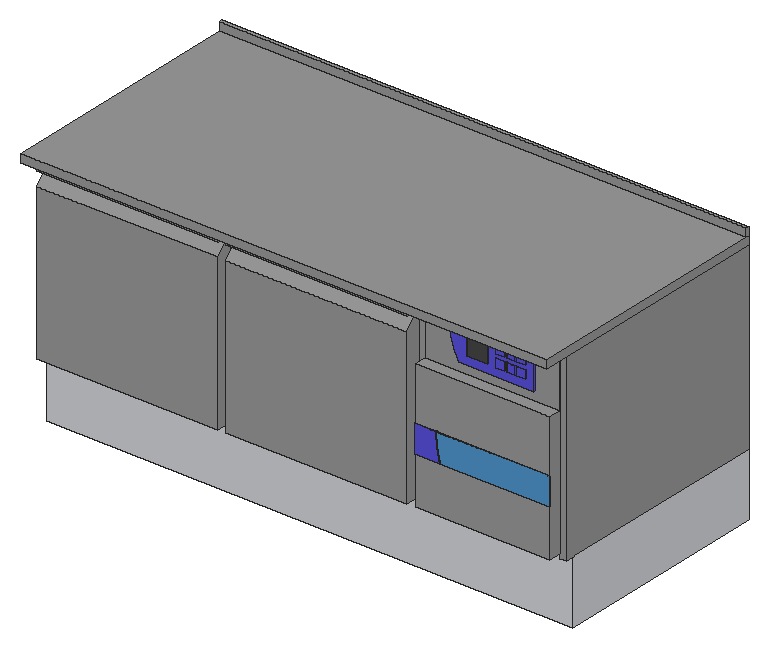
Revit family "Kühltische GN2-3 - Eigen", category Sonderausstattung, Revit 2015
Parameters (values of type "435x1250 2-türig")
  Öffnungstiefe = Korpus Tiefe - Rückwand Stärke - 100 mm  # 370 mm
  Öffnungssymbol Grundriss [instance] = yes
  Watt = 440 W
  Wand unten Stärke = 50 mm  # constant formula
  Wand oben Stärke = 50 mm  # constant formula
  Versatz bei Sockel oder Füße [instance] = if(or(Sockel, Füße), 150 mm, 0 mm)  # 150 mm
  Versatz Tür zu Seitenteil = 20 mm
  Türen Stärke = 50 mm  # constant formula
  Türen Lücke = 20 mm
  Türen Höhe = Korpus Höhe - 20 mm  # 415 mm
  Türen Breite = 430 mm
  Türen Anzahl = 2
  Türen Breite halb = Türen Breite / 2  # 215 mm
  Tür_3 = no
  Tür_2 = yes
  Tür_1 = yes
  Tür 4 [instance] = Türen 1 : 1-fach
  Tür 3 [instance] = Türen 1 : 1-fach
  Tür 2 [instance] = Türen 1 : 1-fach
  Tür 1 [instance] = Türen 1 : 1-fach
  Tiefe [instance] = if(Deckplatte, Platte Tiefe, Korpus Tiefe + Türen Stärke)  # 600 mm
  Temp. Bereich = "-2°C bis +10°C"
  Spannung = 230 V
  Sockelhöhe = 150 mm  # constant formula
  Sockel [instance] = yes
  Seitenwand Stärke = 50 mm  # constant formula
  Seitenteilwand Stärke = 15 mm  # constant formula
  Seitenteil Breite = 320 mm
  Scheinleistung = 0 VA
  Pole = 1
  Platte Tiefe = 600 mm  # constant formula
  Platte Stärke = 20 mm
  Pfosten Tiefe = 50 mm  # constant formula
  Rückwand Stärke = 50 mm  # constant formula
  Pfosten Breite = 100 mm  # constant formula
  Pfosten Anzahl = 1
  Pfosten Abstand = Türen Breite + (Türen Lücke / 2)  # 440 mm
  Pfosten 2 = no
  Pfosten 1 = yes
  Material = Edelstahl AISI 304
  Kältemittel = "R134a"
  Kälteleistung = "380 Watt -15°C VT/+32°C UT"
  Korpus Tiefe = Platte Tiefe - 50 mm - 30 mm  # 520 mm
  Korpus Höhe = 435 mm
  Korpus Breite = Breite - Seitenteil Breite - Seitenteilwand Stärke  # 915 mm
  Kapazität = "2 x 6 x GN2/3"
  Höhe Elektroanschluss = 150 mm
  Höhe [instance] = if(Deckplatte, Korpus Höhe + Versatz bei Sockel oder Füße + Platte Stärke, Korpus Höhe + Versatz bei Sockel oder Füße)  # 605 mm
  Füße Strg [instance] = and(Füße, not(Sockel))  # no
  Füße [instance] = no
  Energieverbrauch = "2,5 kWh/24 h"
  Deckplatte [instance] = yes
  Breite = 1250 mm
  Aufkantung Stärke = 6 mm
  Aufkantung Strg [instance] = and(Deckplatte, Aufkantung)  # yes
  Aufkantung Höhe = 20 mm
  Aufkantung [instance] = yes
  Artnr ohne Platte = "KTM 622340"
  Artnr mit Platte und Aufkantung = "KTM 622341"
  Artnr mit Platte = "KTM 622342"
  Artikelnr. [instance] = if(and(Deckplatte, not(Aufkantung)), Artnr mit Platte, if(and(Deckplatte, Aufkantung), Artnr mit Platte und Aufkantung, Artnr ohne Platte))  # "KTM 622341"
  Abstand Logo = (Korpus Höhe - 120 mm) / 2  # 157.5 mm
  Abstand Display seitlich = 60 mm
Types (4, lengths in mm): name | Watt | Versatz Tür zu Seitenteil | Türen Lücke | Türen Höhe | Türen Anzahl | Tür_3 | Platte Stärke | Pfosten Anzahl | Pfosten Abstand | Pfosten 2 | Korpus Höhe | Korpus Breite | Kapazität | Höhe | Energieverbrauch | Breite | Aufkantung Höhe | Artnr ohne Platte | Artnr mit Platte und Aufkantung | Artnr mit Platte | Artikelnr. | Abstand Logo
  435x1250 2-türig | 440 W | 20 | 20 | 415 | 2 | no | 20 | 1 | 440 | no | 435 | 915 | "2 x 6 x GN2/3" | 605 | "2,5 kWh/24 h" | 1250 | 20 | "KTM 622340" | "KTM 622341" | "KTM 622342" | "KTM 622341" | 157.5
  435x1725 3-türig | 460 W | 25 | 30 | 415 | 3 | yes | 20 | 2 | 445 | yes | 435 | 1390 | "3 x 6 x GN2/3" | 605 | "2,5 kWh/24 h" | 1725 | 20 | "KTM 632340" | "KTM 632341" | "KTM 632342" | "KTM 632341" | 157.5
  650x1250 2-türig | 440 W | 20 | 20 | 630 | 2 | no | 50 | 1 | 440 | no | 650 | 915 | "2 x 9 x GN2/3" | 850 | "2,7 kWh/24 h" | 1250 | 50 | "KTM 622360" | "KTM 622361" | "KTM 622362" | "KTM 622361" | 265
  650x1725 3-türig | 460 W | 25 | 30 | 630 | 3 | yes | 50 | 2 | 445 | yes | 650 | 1390 | "3 x 9 x GN2/3" | 850 | "2,7 kWh/24 h" | 1725 | 50 | "KTM 632360" | "KTM 632361" | "KTM 632362" | "KTM 632361" | 265
Reference planes
  plane 1 "Mitte (Vorne/Hinten)": y = 0
  plane 2: z = 0
  plane 3 "Mitte (Links/Rechts)": x = 0
  plane 4: x = -15
  plane 5: x = -335
  plane 6: x = -385
  plane 7: x = -745
  plane 8: x = -795
  plane 9: x = -845
  plane 10: x = -1195
  plane 11: x = -1245
  plane 12: x = -1295
  plane 13: x = -1645
  plane 14: x = -1695
  plane 15: x = -1745
  plane 16: x = -1200
  plane 17 "SR": x = -1250
  plane 18: y = -50
  plane 19: y = -470
  plane 20: y = -520
  plane 21 "Korpus unten": z = 150
  plane 22: z = 200
  plane 23: z = 535
  plane 24: z = 585
  plane 25: z = 605
  plane 26: z = 625
  plane 27: z = 150
  plane 28 "Türen": z = 160
  plane 29: z = 465
  plane 30: y = -15
  plane 31: y = -600
  plane 32: x = -1235
  plane 33: x = -355
  plane 34: y = -6
  plane 35: x = -1920
  plane 36: x = -1470
  plane 37: x = -1020
  plane 38: x = -570
  plane 39 "Display": y = -540
  plane 40 "Logo": y = -570
  plane 41: x = -228
  plane 42: y = -120
  plane 43: z = 340
  plane 44: z = 275
  plane 45: z = 307.5
  plane 46: x = -785
  plane 47: x = -1235
  plane 48: x = -1685
  plane 49: x = -805
  plane 50: x = -1255
  plane 51: x = -1705
  plane 52: x = -1170
  plane 53: y = -80
  plane 54: y = -478
  plane 55: x = -373
  plane 56 "Elektro": z = 150
Forms (mm)
  Extrusion 1, solid, material "Edelstahl AISI 304" <- "Material", visible <- "Pfosten 2", detail levels fine
    sketch origin (0, 0, 0) x (1, 0, 0) y (0, 1, 0)
      loop
        line (-1295, -520) -> (-1195, -520) -> (-1195, -470) -> (-1295, -470) -> (-1295, -520)
    from 200 to 535
  Extrusion 2, solid, material "Edelstahl AISI 304" <- "Material", visible <- "Pfosten 1", detail levels fine
    sketch origin (0, 0, 0) x (1, 0, 0) y (0, 1, 0)
      loop
        line (-845, -520) -> (-745, -520) -> (-745, -470) -> (-845, -470) -> (-845, -520)
    from 200 to 535
  Extrusion 3, solid, material "Edelstahl AISI 304" <- "Material", detail levels fine
    sketch origin (0, 0, 0) x (1, 0, 0) y (0, 0, 1)
      loop
        line (-335, 150) -> (-335, 585) -> (-1250, 585) -> (-1250, 150) -> (-335, 150)
      loop
        line (-1200, 535) -> (-1200, 200) -> (-385, 200) -> (-385, 535) -> (-1200, 535)
    from 0 to 520
  Extrusion 4, solid, material "Edelstahl AISI 304" <- "Material", detail levels fine
    sketch origin (0, 0, 0) x (1, 0, 0) y (0, 0, 1)
      loop
        line (-1200, 535) -> (-1200, 200) -> (-385, 200) -> (-385, 535) -> (-1200, 535)
    from 0 to 50
  Extrusion 5, solid, material "Edelstahl AISI 304" <- "Material", visible <- "Füße Strg", detail levels medium+fine
    sketch origin (0, 0, 0) x (1, 0, 0) y (0, 1, 0)
      loop
        circle (-373, -478) r 20
      loop
        circle (-373, -80) r 20
      loop
        circle (-1170, -80) r 20
      loop
        circle (-1170, -478) r 20
    from 0 to 150
  Extrusion 6, solid, visible <- "Sockel", detail levels medium+fine
    sketch origin (0, 0, 0) x (1, 0, 0) y (0, 1, 0)
      loop
        line (-1250, 0) -> (-1250, -520) -> (0, -520) -> (0, 0) -> (-1250, 0)
    from 0 to 150
  Extrusion 7, solid, material "Edelstahl AISI 304" <- "Material", detail levels medium+fine
    sketch origin (0, 0, 0) x (1, 0, 0) y (0, 1, 0)
      loop
        line (-335, 0) -> (-335, -520) -> (-15, -520) -> (-15, 0) -> (-335, 0)
    from 150 to 585
  Extrusion 8, solid, material "Edelstahl AISI 304" <- "Material", detail levels medium+fine
    sketch origin (0, 0, 0) x (1, 0, 0) y (0, 1, 0)
      loop
        line (-15, 0) -> (-15, -540) -> (0, -540) -> (0, 0) -> (-15, 0)
    from 150 to 585
  Extrusion 9, solid, material "Edelstahl AISI 304" <- "Material", visible <- "Deckplatte", detail levels medium+fine
    sketch origin (0, 0, 0) x (1, 0, 0) y (0, 1, 0)
      loop
        line (-1250, 0) -> (-1250, -600) -> (0, -600) -> (0, 0) -> (-1250, 0)
    from 585 to 605
  Extrusion 10, solid, material "Edelstahl AISI 304" <- "Material", visible <- "Aufkantung Strg", detail levels fine
    sketch origin (0, 0, 0) x (1, 0, 0) y (0, 1, 0)
      loop
        line (-1250, 0) -> (-1250, -6) -> (0, -6) -> (0, 0) -> (-1250, 0)
    from 605 to 625
  Extrusion 11, solid, material "Edelstahl AISI 304" <- "Material", detail levels medium+fine
    sketch origin (0, 0, 0) x (1, 0, 0) y (0, 0, 1)
      loop
        line (-15, 160) -> (-15, 465) -> (-335, 465) -> (-335, 160) -> (-15, 160)
    from 520 to 570
  Extrusion 12, solid, material "Edelstahl AISI 304" <- "Material", detail levels medium+fine
    sketch origin (0, 0, 0) x (1, 0, 0) y (0, 0, 1)
      loop
        line (-335, 585) -> (-335, 465) -> (-15, 465) -> (-15, 585) -> (-335, 585)
    from 520 to 540
  Extrusion 13, solid, material "Logo Blau Dunkel", detail levels fine
    sketch origin (0, -540, 0) x (-1, 0, 0) y (0, 0, 1)
      loop
        line (275, 565) -> (75, 565) -> (75, 485) -> (255, 485)
        arc (255, 485) -> (269.844, 523.789) -> (275, 565) r 172.745
      loop
        line (235, 555) -> (185, 555) -> (185, 505) -> (235, 505) -> (235, 555)
      loop
        line (165, 555) -> (145, 555) -> (145, 535) -> (165, 535) -> (165, 555)
      loop
        line (140, 555) -> (120, 555) -> (120, 535) -> (140, 535) -> (140, 555)
      loop
        line (115, 555) -> (95, 555) -> (95, 535) -> (115, 535) -> (115, 555)
      loop
        line (165, 505) -> (165, 525) -> (145, 525) -> (145, 505) -> (165, 505)
      loop
        line (140, 505) -> (140, 525) -> (120, 525) -> (120, 505) -> (140, 505)
      loop
        line (115, 505) -> (115, 525) -> (95, 525) -> (95, 505) -> (115, 505)
    from 0 to -2
  Extrusion 14, solid, material "Logo Blau Hell", detail levels fine
    sketch origin (0, -570, 0) x (-1, 0, 0) y (0, 0, 1)
      loop
        line (285, 340) -> (15, 340) -> (15, 275) -> (275, 275)
        arc (275, 275) -> (282.724, 307.081) -> (285, 340) r 197.504
    from 0 to -2
  Extrusion 15, solid, material "Logo Blau Dunkel", detail levels fine
    sketch origin (0, -570, 0) x (-1, 0, 0) y (0, 0, 1)
      loop
        line (275, 275) -> (335, 275) -> (335, 340) -> (285, 340)
        arc (285, 340) -> (282.724, 307.081) -> (275, 275) r 197.504
    from 0 to -2
  Extrusion 16, solid, not visible
    sketch origin (0, 0, 150) x (0, -1, 0) y (1, 0, 0)
      loop
        circle (120, -228) r 20
    from 0 to 2
  Extrusion 17, solid, material "Display", detail levels fine
    sketch origin (0, -540, 0) x (-1, 0, 0) y (0, 0, 1)
      loop
        line (235, 555) -> (185, 555) -> (185, 505) -> (235, 505) -> (235, 555)
    from 0 to -2
  Extrusion 18, solid, material "Knöpfe", detail levels fine
    sketch origin (0, -540, 0) x (-1, 0, 0) y (0, 0, 1)
      loop
        line (165, 555) -> (145, 555) -> (145, 535) -> (165, 535) -> (165, 555)
      loop
        line (165, 525) -> (145, 525) -> (145, 505) -> (165, 505) -> (165, 525)
      loop
        line (140, 505) -> (140, 525) -> (120, 525) -> (120, 505) -> (140, 505)
      loop
        line (140, 535) -> (140, 555) -> (120, 555) -> (120, 535) -> (140, 535)
      loop
        line (115, 555) -> (95, 555) -> (95, 535) -> (115, 535) -> (115, 555)
      loop
        line (115, 525) -> (95, 525) -> (95, 505) -> (115, 505) -> (115, 525)
    from 0 to -3
  Extrusion 19, solid, material "Edelstahl AISI 304" <- "Material", detail levels coarse
    sketch origin (0, 0, 0) x (1, 0, 0) y (0, 1, 0)
      loop
        line (-1250, 0) -> (-1250, -600) -> (0, -600) -> (0, 0) -> (-1250, 0)
    from 605 to -2
  Extrusion 20, solid, material "Edelstahl AISI 304" <- "Material", detail levels medium
    sketch origin (0, 0, 150) x (-1, 0, 0) y (0, -1, 0)
      loop
        line (1250, 0) -> (1250, 520) -> (335, 520) -> (335, 0) -> (1250, 0)
    from 435 to -2
Dimensions and locks
  "Rückwand Stärke": plane 18 to plane 1 "Mitte (Vorne/Hinten)"
  "Pfosten Tiefe": plane 19 to plane 20
  "Korpus Tiefe": plane 20 to plane 1 "Mitte (Vorne/Hinten)"
  "Seitenwand Stärke": plane 5 to plane 6
  "Seitenwand Stärke": plane 16 to plane 17 "SR"
  "Seitenteilwand Stärke": plane 3 "Mitte (Links/Rechts)" to plane 4
  "Seitenteil Breite": plane 4 to plane 5
  "Breite": plane 3 "Mitte (Links/Rechts)" to plane 17 "SR"
  "Wand unten Stärke": plane 22 to plane 21 "Korpus unten"
  "Aufkantung Höhe": plane 26 to plane 25
  "Platte Stärke": plane 25 to plane 24
  "Wand oben Stärke": plane 24 to plane 23
  "Korpus Höhe": plane 24 to plane 21 "Korpus unten"
  "Versatz bei Sockel oder Füße": plane 21 "Korpus unten" to level
  "Sockelhöhe": plane 27 to level
  locked: plane 28 "Türen" to plane 21 "Korpus unten" at 10
  locked: plane 24 to plane 29 at 120
  "Seitenteilwand Stärke": plane 30 to plane 1 "Mitte (Vorne/Hinten)"
  "Platte Tiefe": plane 31 to plane 1 "Mitte (Vorne/Hinten)"
  locked: plane 32 to plane 17 "SR" at 15
  "Versatz Tür zu Seitenteil": plane 5 to plane 33
  "Aufkantung Stärke": plane 34 to plane 1 "Mitte (Vorne/Hinten)"
  locked: plane 20 to plane 39 "Display" at 20
  "Türen Stärke": plane 20 to plane 40 "Logo"
  locked: plane 41 to plane 3 "Mitte (Links/Rechts)" at 228
  locked: plane 42 to plane 1 "Mitte (Vorne/Hinten)" at 120
  locked: plane 24 to Extrusion 13 sketch curve at 20
  locked: Extrusion 13 sketch curve to plane 29 at 20
  locked: Extrusion 13 sketch curve to Extrusion 13 sketch curve at 10
  locked: Extrusion 13 sketch curve to Extrusion 13 sketch curve at 20  (x3)
  locked: plane 43 to plane 44 at 65
  "Abstand Logo": plane 29 to plane 45
  locked: Extrusion 14 sketch curve to plane 5 at 50
  locked: Extrusion 14 sketch curve to plane 5 at 60
  equal spacing: plane 43, plane 45, plane 44
  plane 29 to plane 43 = 125 mm
  "Türen Breite halb": plane 33 to plane 38
  "Türen Lücke": plane 46 to plane 49
  "Türen Lücke": plane 47 to plane 50
  "Türen Lücke": plane 48 to plane 51
  "Türen Breite halb": plane 49 to plane 37
  "Türen Breite halb": plane 50 to plane 36
  "Türen Breite halb": plane 51 to plane 35
  "Türen Breite": plane 33 to plane 46
  "Türen Breite": plane 49 to plane 47
  "Türen Breite": plane 50 to plane 48
  equal spacing: plane 7, plane 8, plane 9
  equal spacing: plane 10, plane 11, plane 12
  equal spacing: plane 13, plane 14, plane 15
  "Pfosten Breite": plane 13 to plane 15
  "Pfosten Breite": plane 10 to plane 12
  "Pfosten Breite": plane 7 to plane 9
  "Pfosten Abstand": plane 33 to plane 8
  "Pfosten Abstand": plane 49 to plane 11
  "Pfosten Abstand": plane 50 to plane 14
  "Abstand Display seitlich": plane 4 to Extrusion 13 sketch curve
  locked: Extrusion 13 sketch curve to Extrusion 13 sketch curve at 200
  locked: Extrusion 13 sketch curve to Extrusion 13 sketch curve at 180
  Extrusion 13 sketch curve to Extrusion 13 sketch curve to Extrusion 13 sketch curve to Extrusion 13 sketch curve to Extrusion 13 sketch curve to Extrusion 13 sketch curve to Extrusion 13 sketch curve to Extrusion 13 sketch curve to Extrusion 13 sketch curve = 50 mm locked, 20 mm locked, 20 mm locked, 5 mm locked, 20 mm locked, 5 mm locked, 20 mm locked, 20 mm locked
  locked: plane 17 "SR" to plane 52 at 80
  locked: plane 53 to plane 1 "Mitte (Vorne/Hinten)" at 80
  locked: plane 54 to plane 20 at 42
  locked: plane 55 to plane 3 "Mitte (Links/Rechts)" at 373
  "Höhe Elektroanschluss": plane 56 "Elektro" to level
  aligned and locked: level to plane 2
  aligned and locked: plane 23 to Extrusion 2
  aligned and locked: plane 23 to Extrusion 1
  aligned and locked: Extrusion 3 to plane 20
  aligned and locked: Extrusion 2 to plane 22
  aligned and locked: Extrusion 1 to plane 22
  aligned and locked: Extrusion 4 to plane 18
  aligned and locked: plane 27 to Extrusion 5
  aligned and locked: plane 27 to Extrusion 6
  aligned and locked: plane 24 to Extrusion 7
  aligned and locked: Extrusion 7 to plane 21 "Korpus unten"
  aligned and locked: plane 24 to Extrusion 8
  aligned and locked: Extrusion 8 to plane 21 "Korpus unten"
  aligned and locked: plane 25 to Extrusion 9
  aligned and locked: Extrusion 9 to plane 24
  aligned and locked: plane 26 to Extrusion 10
  aligned and locked: Extrusion 10 to plane 25
  aligned and locked: plane 20 to Extrusion 11
  aligned and locked: plane 20 to Extrusion 12
  aligned and locked: Extrusion 12 to plane 39 "Display"
  aligned and locked: plane 39 "Display" to Extrusion 8 sketch curve
  aligned and locked: plane 4 to Extrusion 8 sketch curve
  aligned and locked: Extrusion 8 sketch curve to plane 3 "Mitte (Links/Rechts)"
  aligned and locked: plane 1 "Mitte (Vorne/Hinten)" to Extrusion 8 sketch curve
  aligned and locked: nested 3 to plane 36
  aligned and locked: plane 37 to nested 2
  aligned and locked: plane 38 to nested 1
  aligned and locked: nested 1 to plane 28 "Türen"
  aligned and locked: nested 2 to plane 28 "Türen"
  aligned and locked: nested 3 to plane 28 "Türen"
  aligned and locked: nested 3 to plane 20
  aligned and locked: nested 2 to plane 20
  aligned and locked: nested 1 to plane 20
  aligned and locked: plane 28 "Türen" to Extrusion 11 sketch curve
  aligned and locked: plane 5 to Extrusion 11 sketch curve
  aligned and locked: Extrusion 11 sketch curve to plane 4
  aligned and locked: plane 29 to Extrusion 11 sketch curve
  aligned and locked: Extrusion 10 sketch curve to plane 34
  aligned and locked: Extrusion 13 sketch curve to Extrusion 13 sketch curve  (x16)
  aligned and locked: Extrusion 14 sketch curve to plane 4
  aligned and locked: Extrusion 15 sketch curve to Extrusion 14
  aligned and locked: plane 44 to Extrusion 15 sketch curve
  aligned and locked: plane 43 to Extrusion 15 sketch curve
  aligned and locked: plane 5 to Extrusion 15 sketch curve
  aligned and locked: Extrusion 17 sketch curve to Extrusion 13  (x4)
  aligned and locked: Extrusion 18 sketch curve to Extrusion 13  (x24)
  aligned and locked: Extrusion 11 to plane 40 "Logo"
  aligned and locked: plane 25 to Extrusion 19
  aligned and locked: plane 24 to Extrusion 20
  aligned and locked: Extrusion 20 sketch curve to plane 5
  aligned and locked: plane 17 "SR" to Extrusion 20 sketch curve
  aligned and locked: plane 1 "Mitte (Vorne/Hinten)" to Extrusion 20 sketch curve
  aligned and locked: plane 20 to Extrusion 20 sketch curve
  aligned and locked: Extrusion 19 to plane 17 "SR"
Automatic sketch dimensions
  Extrusion 9 sketch curve to plane 17 "SR" = 0 mm
  Extrusion 9 sketch curve to plane 3 "Mitte (Links/Rechts)" = 0 mm
  Extrusion 9 sketch curve to plane 31 = 0 mm
  plane 1 "Mitte (Vorne/Hinten)" to Extrusion 9 sketch curve = 0 mm
  Extrusion 10 sketch curve to plane 17 "SR" = 0 mm
  Extrusion 10 sketch curve to plane 3 "Mitte (Links/Rechts)" = 0 mm
  plane 1 "Mitte (Vorne/Hinten)" to Extrusion 10 sketch curve = 0 mm
  Extrusion 14 sketch curve to plane 44 = 0 mm
  Extrusion 14 sketch curve to plane 43 = 0 mm
  Extrusion 14 sketch curve to plane 43 = 2.887 mm
  Extrusion 1 sketch curve to plane 12 = 0 mm
  Extrusion 1 sketch curve to plane 10 = 0 mm
  Extrusion 1 sketch curve to plane 20 = 0 mm
  Extrusion 1 sketch curve to plane 19 = 0 mm
  Extrusion 2 sketch curve to plane 9 = 0 mm
  Extrusion 2 sketch curve to plane 7 = 0 mm
  Extrusion 2 sketch curve to plane 20 = 0 mm
  Extrusion 2 sketch curve to plane 19 = 0 mm
  Extrusion 3 sketch curve to plane 17 "SR" = 0 mm
  Extrusion 3 sketch curve to plane 16 = 0 mm
  Extrusion 3 sketch curve to plane 6 = 0 mm
  Extrusion 3 sketch curve to plane 5 = 0 mm
  Extrusion 3 sketch curve to plane 21 "Korpus unten" = 0 mm
  Extrusion 3 sketch curve to plane 22 = 0 mm
  Extrusion 3 sketch curve to plane 23 = 0 mm
  Extrusion 3 sketch curve to plane 24 = 0 mm
  Extrusion 4 sketch curve to plane 16 = 0 mm
  Extrusion 4 sketch curve to plane 6 = 0 mm
  Extrusion 4 sketch curve to plane 22 = 0 mm
  Extrusion 4 sketch curve to plane 23 = 0 mm
  Extrusion 6 sketch curve to plane 17 "SR" = 0 mm
  Extrusion 6 sketch curve to plane 3 "Mitte (Links/Rechts)" = 0 mm
  Extrusion 6 sketch curve to plane 20 = 0 mm
  plane 1 "Mitte (Vorne/Hinten)" to Extrusion 6 sketch curve = 0 mm
  Extrusion 7 sketch curve to plane 5 = 0 mm
  Extrusion 7 sketch curve to plane 4 = 0 mm
  Extrusion 7 sketch curve to plane 20 = 0 mm
  plane 1 "Mitte (Vorne/Hinten)" to Extrusion 7 sketch curve = 0 mm
  Extrusion 12 sketch curve to plane 5 = 0 mm
  Extrusion 12 sketch curve to plane 4 = 0 mm
  Extrusion 12 sketch curve to plane 29 = 0 mm
  Extrusion 12 sketch curve to plane 24 = 0 mm
  Extrusion 5 sketch curve to plane 52 = 0 mm  (x2)
  plane 53 to Extrusion 5 sketch curve = 0 mm  (x2)
  Extrusion 5 sketch curve to plane 55 = 0 mm  (x2)
  Extrusion 5 sketch curve to plane 54 = 0 mm  (x2)
  Extrusion 16 sketch curve to plane 41 = 0 mm
  Extrusion 16 sketch curve to plane 42 = 0 mm
  plane 14 to Extrusion 19 sketch curve = 445 mm
  Extrusion 19 sketch curve to plane 3 "Mitte (Links/Rechts)" = 0 mm
  Extrusion 19 sketch curve to plane 31 = 0 mm
  plane 1 "Mitte (Vorne/Hinten)" to Extrusion 19 sketch curve = 0 mm
  Extrusion 13 sketch curve to Extrusion 13 sketch curve = 7.257 mm
  radius of Extrusion 5 sketch curve = 20 mm  (x4)
  radius of Extrusion 16 sketch curve = 20 mm
Nested families
  nested 1: "Türen 1" at (-570, -520, 160), Tür Höhe <- "Türen Höhe", Tür Breite <- "Türen Breite", visible <- "Tür_1", type <- "Tür 1", type "1-fach"
    with Tür Höhe 3 von 3 131.333 mm, Tür Höhe 2 von 3 131.333 mm, Tür Höhe 2 von 2 ungleich 273.667 mm, Tür Höhe 2 von 2 gleich 202.5 mm, Tür Höhe 1 von 3 131.333 mm, Tür Höhe 1 von 2 ungleich 131.333 mm, Tür Höhe 1 von 2 gleich 202.5 mm, Tür Höhe 415 mm, Tür Breite 430 mm, Lücke 2 10 mm, Lücke 1 10.5 mm, Öffnungstiefe 370 mm
  nested 2: "Türen 1" at (-1020, -520, 160), Tür Höhe <- "Türen Höhe", Tür Breite <- "Türen Breite", visible <- "Tür_2", type <- "Tür 2", type "1-fach"
    with Tür Höhe 3 von 3 131.333 mm, Tür Höhe 2 von 3 131.333 mm, Tür Höhe 2 von 2 ungleich 273.667 mm, Tür Höhe 2 von 2 gleich 202.5 mm, Tür Höhe 1 von 3 131.333 mm, Tür Höhe 1 von 2 ungleich 131.333 mm, Tür Höhe 1 von 2 gleich 202.5 mm, Tür Höhe 415 mm, Tür Breite 430 mm, Lücke 2 10 mm, Lücke 1 10.5 mm, Öffnungstiefe 370 mm
  nested 3: "Türen 1" at (-1470, -520, 160), Tür Höhe <- "Türen Höhe", Tür Breite <- "Türen Breite", visible <- "Tür_3", type <- "Tür 3", type "1-fach"
    with Tür Höhe 3 von 3 131.333 mm, Tür Höhe 2 von 3 131.333 mm, Tür Höhe 2 von 2 ungleich 273.667 mm, Tür Höhe 2 von 2 gleich 202.5 mm, Tür Höhe 1 von 3 131.333 mm, Tür Höhe 1 von 2 ungleich 131.333 mm, Tür Höhe 1 von 2 gleich 202.5 mm, Tür Höhe 415 mm, Tür Breite 430 mm, Lücke 2 10 mm, Lücke 1 10.5 mm, Öffnungstiefe 370 mm
Connectors
  electrical at (-228, -120, 150), driven by "Spannung", driven by "Scheinleistung", driven by "Pole"
    settings: on Extrusion 16, index 1, voltage 230 V, apparent load 0 VA, apparent load phase1 0 VA, apparent load phase2 0 VA, apparent load phase3 0 VA, power factor 1, load classification "Sonstige", number of poles 1, system type 31, power factor state 1, is connector primary yes, connector utility no, sub classification motor no, connector description ""
Definition of nested family "Türen 1"
  Parameters (values of type "1-fach")
    Öffnungstiefe = 375.348 mm
    Öffnungssymbol Grundriss = yes
    Türflügel Stärke = 35 mm
    Tür Stärke = 50 mm
    Tür Höhe 2 von 2 ungleich [instance] = Tür Höhe - Tür Höhe 1 von 2 ungleich - 10 mm  # 417 mm
    Tür Höhe 2 von 2 gleich [instance] = (Tür Höhe - Lücke 2) / 2  # 309.75 mm
    Tür Höhe 1 von 2 ungleich [instance] = (Tür Höhe - (Lücke 1 * 2)) / 3  # 203 mm
    Tür Höhe 1 von 2 gleich [instance] = (Tür Höhe - Lücke 2) / 2  # 309.75 mm
    Tür Höhe [instance] = 630 mm
    Tür Breite [instance] = 430 mm
    Tür Höhe 3 von 3 [instance] = (Tür Höhe - (Lücke 1 * 2)) / 3  # 203 mm
    Tür Höhe 2 von 3 [instance] = (Tür Höhe - (Lücke 1 * 2)) / 3  # 203 mm
    Tür Höhe 1 von 3 [instance] = (Tür Höhe - (Lücke 1 * 2)) / 3  # 203 mm
    Material = none
    Lücke 2 [instance] = 10.5 mm
    Lücke 1 [instance] = 10.5 mm
    Dichtung Stärke = Tür Stärke - Türflügel Stärke  # 15 mm
    3-fach = no
    2-fach ungleich = no
    2-fach gleich = no
    1-fach = yes
  Types (4, lengths in mm): name | Tür Höhe 2 von 2 gleich | Tür Höhe 1 von 2 gleich | Lücke 2 | 3-fach | 2-fach ungleich | 2-fach gleich | 1-fach
    3-fach gleich | 310 | 310 | 10 | yes | no | no | no
    2-fach ungleich | 310 | 310 | 10 | no | yes | no | no
    2-fach gleich | 310 | 310 | 10 | no | no | yes | no
    1-fach | 309.75 | 309.75 | 10.5 | no | no | no | yes
  Reference planes
    plane 1 "Mitte (Vorne/Hinten)": y = 0
    plane 2: z = 0
    plane 3 "Mitte (Links/Rechts)": x = 0
    plane 4: x = 215
    plane 5: x = -215
    plane 6: y = -50
    plane 7: y = -15
    plane 8: z = 630
    plane 9: z = 417
    plane 10: z = 427
    plane 11: z = 320.25
    plane 12: z = 309.75
    plane 13: z = 427
    plane 14: z = 416.5
    plane 15: z = 213.5
    plane 16: z = 203
    plane 17: y = -425.348
  Forms (mm)
    Extrusion 1, solid, material <- "Material", visible <- "1-fach", detail levels fine
      sketch origin (0, 0, 0) x (0, 1, 0) y (0, 0, 1)
        loop
          line (-50, 0) -> (-15, 0) -> (-15, 630) -> (-50, 630) -> (-50, 615) -> (-48, 615) -> (-48, 628) -> (-17, 628) -> (-17, 615) -> (-50, 582) -> (-50, 0)
      from -215 to 215
    Extrusion 2, solid, material <- "Material", visible <- "2-fach gleich", detail levels fine
      sketch origin (0, 0, 0) x (0, 1, 0) y (0, 0, 1)
        loop
          line (-50, 0) -> (-15, 0) -> (-15, 309.75) -> (-50, 309.75) -> (-50, 294.75) -> (-48, 294.75) -> (-48, 307.75) -> (-17, 307.75) -> (-17, 294.75) -> (-50, 261.75) -> (-50, 0)
        loop
          line (-50, 320.25) -> (-15, 320.25) -> (-15, 630) -> (-50, 630) -> (-50, 615) -> (-48, 615) -> (-48, 628) -> (-17, 628) -> (-17, 615) -> (-50, 582) -> (-50, 320.25)
      from -215 to 215
    Extrusion 3, solid, material <- "Material", visible <- "2-fach ungleich", detail levels fine
      sketch origin (0, 0, 0) x (0, 1, 0) y (0, 0, 1)
        loop
          line (-50, 0) -> (-15, 0) -> (-15, 417) -> (-50, 417) -> (-50, 402) -> (-48, 402) -> (-48, 415) -> (-17, 415) -> (-17, 402) -> (-50, 369) -> (-50, 0)
        loop
          line (-50, 427) -> (-15, 427) -> (-15, 630) -> (-50, 630) -> (-50, 615) -> (-48, 615) -> (-48, 628) -> (-17, 628) -> (-17, 615) -> (-50, 582) -> (-50, 427)
      from -215 to 215
    Extrusion 4, solid, material <- "Material", visible <- "3-fach", detail levels fine
      sketch origin (0, 0, 0) x (0, 1, 0) y (0, 0, 1)
        loop
          line (-50, 0) -> (-15, 0) -> (-15, 203) -> (-50, 203) -> (-50, 188) -> (-48, 188) -> (-48, 201) -> (-17, 201) -> (-17, 188) -> (-50, 155) -> (-50, 0)
        loop
          line (-50, 427) -> (-15, 427) -> (-15, 630) -> (-50, 630) -> (-50, 615) -> (-48, 615) -> (-48, 628) -> (-17, 628) -> (-17, 615) -> (-50, 582) -> (-50, 427)
        loop
          line (-50, 213.5) -> (-15, 213.5) -> (-15, 416.5) -> (-50, 416.5) -> (-50, 401.5) -> (-48, 401.5) -> (-48, 414.5) -> (-17, 414.5) -> (-17, 401.5) -> (-50, 368.5) -> (-50, 213.5)
      from -215 to 215
    Extrusion 5, solid, material <- "Material", visible <- "1-fach", detail levels medium
      sketch origin (0, 0, 0) x (1, 0, 0) y (0, 0, 1)
        loop
          line (-215, 630) -> (-215, 0) -> (215, 0) -> (215, 630) -> (-215, 630)
      from 0 to 50
    Extrusion 6, solid, material <- "Material", visible <- "2-fach gleich", detail levels medium
      sketch origin (0, 0, 0) x (1, 0, 0) y (0, 0, 1)
        loop
          line (-215, 630) -> (-215, 320.25) -> (215, 320.25) -> (215, 630) -> (-215, 630)
        loop
          line (215, 0) -> (215, 309.75) -> (-215, 309.75) -> (-215, 0) -> (215, 0)
      from 0 to 50
    Extrusion 7, solid, material <- "Material", visible <- "2-fach ungleich", detail levels medium
      sketch origin (0, 0, 0) x (1, 0, 0) y (0, 0, 1)
        loop
          line (-215, 630) -> (-215, 427) -> (215, 427) -> (215, 630) -> (-215, 630)
        loop
          line (-215, 0) -> (215, 0) -> (215, 416.5) -> (-215, 416.5) -> (-215, 0)
      from 0 to 50
    Extrusion 8, solid, material <- "Material", visible <- "3-fach", detail levels medium
      sketch origin (0, 0, 0) x (1, 0, 0) y (0, 0, 1)
        loop
          line (-215, 630) -> (-215, 427) -> (215, 427) -> (215, 630) -> (-215, 630)
        loop
          line (-215, 213.5) -> (215, 213.5) -> (215, 416.5) -> (-215, 416.5) -> (-215, 213.5)
        loop
          line (-215, 0) -> (215, 0) -> (215, 203) -> (-215, 203) -> (-215, 0)
      from 0 to 50
  Lines and regions (mm)
    symbolic lines, visible <- "Öffnungssymbol Grundriss"
      curve 1: line (-215, -15, 0) -> (-215, -425.348, 0)
      curve 2: line (-215, -425.348, 0) -> (215, -425.348, 0)
      curve 3: line (215, -425.348, 0) -> (215, -15, 0)
      curve 4: line (0, -100.348, 0) -> (0, -375.348, 0)
      curve 5: line (0, -100.348, 0) -> (24.749, -125.096, 0)
      curve 6: line (0, -100.348, 0) -> (-24.749, -125.096, 0)
      curve 7: line (0, -375.348, 0) -> (24.749, -350.599, 0)
      curve 8: line (0, -375.348, 0) -> (-24.749, -350.599, 0)
  Dimensions and locks
    "Dichtung Stärke": plane 7 to plane 1 "Mitte (Vorne/Hinten)"
    "Tür Stärke": plane 1 "Mitte (Vorne/Hinten)" to plane 6
    "Tür Höhe": plane 8 to level
    equal spacing: plane 4, plane 3 "Mitte (Links/Rechts)", plane 5
    "Tür Breite": plane 4 to plane 5
    locked: Extrusion 1 sketch curve to plane 7 at 2
    locked: plane 6 to Extrusion 1 sketch curve at 2
    locked: plane 8 to Extrusion 1 sketch curve at 2
    locked: plane 8 to Extrusion 1 sketch curve at 15  (x2)
    "Tür Höhe 2 von 2 ungleich": plane 9 to level
    "Tür Höhe 1 von 2 ungleich": plane 8 to plane 10
    "Tür Höhe 1 von 2 gleich": plane 8 to plane 11
    "Tür Höhe 2 von 2 gleich": plane 12 to level
    "Lücke 1": plane 16 to plane 15
    "Lücke 1": plane 13 to plane 14
    "Tür Höhe 1 von 3": plane 8 to plane 13
    "Tür Höhe 3 von 3": plane 16 to level
    "Öffnungstiefe": plane 6 to plane 17
    locked: plane 6 to curve 4 at 50.348
    locked: curve 4 to plane 17 at 50
    locked: Extrusion 1 sketch curve to Extrusion 1 sketch curve (angle 135.00°)
    locked: Extrusion 2 sketch curve to Extrusion 2 sketch curve (angle 135.00°)  (x2)
    locked: Extrusion 3 sketch curve to Extrusion 3 sketch curve (angle 135.00°)  (x2)
    locked: Extrusion 4 sketch curve to Extrusion 4 sketch curve (angle 135.00°)  (x3)
    aligned and locked: level to plane 2
    aligned and locked: Extrusion 1 sketch curve to level
    aligned and locked: Extrusion 1 sketch curve to plane 6  (x2)
    aligned and locked: plane 7 to Extrusion 1 sketch curve
    aligned and locked: plane 8 to Extrusion 1 sketch curve
    aligned and locked: Extrusion 1 to plane 5
    aligned and locked: plane 4 to Extrusion 1
    aligned and locked: plane 12 to Extrusion 2 sketch curve
    aligned and locked: plane 11 to Extrusion 2 sketch curve
    aligned and locked: Extrusion 2 sketch curve to level
    aligned and locked: plane 8 to Extrusion 2 sketch curve
    aligned and locked: Extrusion 2 sketch curve to plane 6  (x3)
    aligned and locked: plane 7 to Extrusion 2 sketch curve  (x2)
    aligned and locked: Extrusion 2 to plane 5
    aligned and locked: plane 4 to Extrusion 2
    aligned and locked: plane 7 to Extrusion 3 sketch curve  (x2)
    aligned and locked: Extrusion 3 sketch curve to plane 6  (x3)
    aligned and locked: Extrusion 4 sketch curve to plane 6  (x3)
    aligned and locked: plane 7 to Extrusion 4 sketch curve  (x2)
    aligned and locked: Extrusion 4 sketch curve to level
    aligned and locked: plane 16 to Extrusion 4 sketch curve
    aligned and locked: plane 14 to Extrusion 4 sketch curve
    aligned and locked: Extrusion 4 sketch curve to plane 15
    aligned and locked: plane 9 to Extrusion 3 sketch curve
    aligned and locked: plane 8 to Extrusion 3 sketch curve
    aligned and locked: plane 6 to Extrusion 3 sketch curve
    aligned and locked: Extrusion 3 sketch curve to plane 10
    aligned and locked: curve 4 to plane 3 "Mitte (Links/Rechts)"
    aligned and locked: Extrusion 5 to plane 6
    aligned and locked: Extrusion 6 to plane 6
    aligned and locked: Extrusion 7 to plane 6
    aligned and locked: Extrusion 8 to plane 6
  Automatic sketch dimensions
    Extrusion 2 sketch curve to plane 6 = 0 mm
    plane 6 to Extrusion 2 sketch curve = 2 mm  (x2)
    Extrusion 2 sketch curve to plane 7 = 2 mm  (x2)
    Extrusion 2 sketch curve to plane 12 = 15 mm  (x2)
    Extrusion 2 sketch curve to plane 12 = 2 mm
    Extrusion 2 sketch curve to plane 8 = 15 mm
    Extrusion 2 sketch curve to Extrusion 2 sketch curve = 15 mm
    Extrusion 2 sketch curve to plane 8 = 2 mm
    Extrusion 4 sketch curve to plane 6 = 0 mm  (x3)
    Extrusion 4 sketch curve to plane 7 = 0 mm
    plane 10 to Extrusion 4 sketch curve = 0 mm
    Extrusion 4 sketch curve to plane 8 = 0 mm
    plane 6 to Extrusion 4 sketch curve = 2 mm  (x3)
    Extrusion 4 sketch curve to plane 7 = 2 mm  (x3)
    plane 16 to Extrusion 4 sketch curve = 15 mm
    plane 16 to Extrusion 4 sketch curve = 2 mm
    Extrusion 4 sketch curve to Extrusion 4 sketch curve = 15 mm
    Extrusion 4 sketch curve to plane 8 = 15 mm
    Extrusion 4 sketch curve to plane 8 = 2 mm
    Extrusion 4 sketch curve to plane 14 = 2 mm
    Extrusion 4 sketch curve to Extrusion 4 sketch curve = 13 mm  (x3)
    Extrusion 3 sketch curve to level = 0 mm
    plane 6 to Extrusion 3 sketch curve = 2 mm  (x2)
    Extrusion 3 sketch curve to plane 7 = 2 mm  (x2)
    Extrusion 3 sketch curve to plane 14 = 47.5 mm
    Extrusion 3 sketch curve to plane 14 = 14.5 mm
    Extrusion 3 sketch curve to plane 14 = 1.5 mm
    Extrusion 3 sketch curve to Extrusion 3 sketch curve = 15 mm
    Extrusion 3 sketch curve to plane 8 = 2 mm
    Extrusion 3 sketch curve to Extrusion 3 sketch curve = 13 mm
    curve 1 to plane 5 = 0 mm
    curve 3 to plane 4 = 0 mm
    curve 1 to plane 17 = 0 mm
    curve 1 to plane 7 = 0 mm
    curve 3 to plane 7 = 0 mm
    curve 6 to plane 3 "Mitte (Links/Rechts)" = 24.749 mm
    curve 8 to plane 3 "Mitte (Links/Rechts)" = 24.749 mm
    plane 3 "Mitte (Links/Rechts)" to curve 5 = 24.749 mm
    plane 3 "Mitte (Links/Rechts)" to curve 7 = 24.749 mm
    curve 4 to curve 8 = 24.749 mm
    curve 6 to curve 4 = 24.749 mm
    Extrusion 5 sketch curve to level = 0 mm
    Extrusion 5 sketch curve to plane 5 = 0 mm
    Extrusion 5 sketch curve to plane 4 = 0 mm
    Extrusion 5 sketch curve to plane 8 = 0 mm
    Extrusion 6 sketch curve to plane 5 = 0 mm  (x2)
    Extrusion 6 sketch curve to level = 0 mm
    Extrusion 6 sketch curve to plane 4 = 0 mm  (x2)
    Extrusion 6 sketch curve to plane 12 = 0 mm
    Extrusion 6 sketch curve to plane 11 = 0 mm
    Extrusion 6 sketch curve to plane 8 = 0 mm
    Extrusion 7 sketch curve to plane 5 = 0 mm  (x2)
    Extrusion 7 sketch curve to level = 0 mm
    Extrusion 7 sketch curve to plane 4 = 0 mm  (x2)
    Extrusion 7 sketch curve to plane 14 = 0 mm
    Extrusion 7 sketch curve to plane 10 = 0 mm
    Extrusion 7 sketch curve to plane 8 = 0 mm
    Extrusion 8 sketch curve to plane 5 = 0 mm  (x3)
    Extrusion 8 sketch curve to level = 0 mm
    Extrusion 8 sketch curve to plane 4 = 0 mm  (x3)
    Extrusion 8 sketch curve to plane 16 = 0 mm
    Extrusion 8 sketch curve to plane 15 = 0 mm
    Extrusion 8 sketch curve to plane 14 = 0 mm
    Extrusion 8 sketch curve to plane 10 = 0 mm
    Extrusion 8 sketch curve to plane 8 = 0 mm
